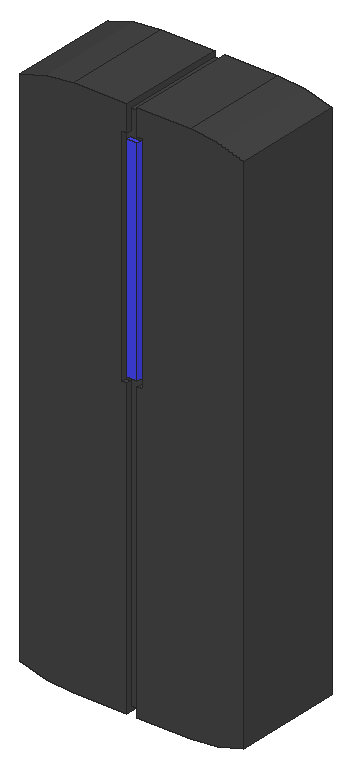
Revit family "STS-705P_RV17_LOD_400", category Электрооборудование, Revit 2017
Family settings
  Конфигурация панели = Два столбца, слева направо
  Размер круглого соединителя = Использовать диаметр
  Тип детали = Щит
  На основе рабочей плоскости = Нет
  Всегда вертикально = Да
  При загрузке вырезать с полостями = Нет
  Общий = Нет
  Точка расчета площади = Нет
Parameters (values of type "STS-705P")
  Удаленность от контроллера Wiegand 42, не более, м = 100
  Смещение_УГО_Y [instance] = 0 mm
  Смещение_УГО_X [instance] = 0 mm
  Расстояние между считывателями, см = "10-20"
  Раздел проекта [instance] = ""
  Раздел Спецификации [instance] = ""
  Рабочая частота, кГц = 125
  Номинальная дальность считывания идентификационного признака, до, см = "4-7 (зависит от идентификатора доступа)"
  Напряжение питания постоянного тока, В = "7,5-13,8"
  Напряжение = "12"
  Интерфейс = "RS-485"
  Идентификаторы = "Em - Marin"
  Диапазон рабочих температур, °С = "от минус 40 до плюс 50"
  Время считывания, мс = 200
  Видимость_УГО [instance] = yes
  В_УГО_Смешение по Х [instance] = Смещение_УГО_X + 2000 mm  # 2000 mm
  В_УГО_Смешение по Y [instance] = Смещение_УГО_Y + 2000 mm  # 2000 mm
  Антенна = "Встроенная"
  d короба [instance] = 20 mm
  ADSK_Ток = 0.1 A
  ADSK_Размер_Ширина = 21 mm
  ADSK_Размер_Длина = 43 mm
  ADSK_Размер_Высота = 105 mm
  ADSK_Примечание = ""
  ADSK_Напряжение [instance] = 12 V
  ADSK_Наименование = "STS-705P"
  ADSK_Масса = 0.1
  ADSK_Марка = "СТВФ.431295.136"
  ADSK_Количество = 1
  ADSK_Классификация нагрузок = Считыватель
  ADSK_Завод-изготовитель = "ООО «Основа Безопасности»"  # constant formula
  ADSK_Единица измерения = "шт."  # constant formula
  ADSK_URL страницы изделия = "https://stilsoft.ru/products/sts-705r"
  ADSK_URL документации изделия = ""
Reference planes
  plane 1 "По центру (Вперед/Назад)": y = 0
  plane 2: z = 0
  plane 3 "По центру (Влево/Вправо)": x = 0
  plane 4 "фасад": y = -21
  plane 5: x = 21.5
  plane 6: x = -21.5
  plane 7 "вверх": z = 105
  plane 8: x = 0
  plane 9: y = 0
  plane 10: y = 2000
  plane 11: x = -2000
Forms (mm)
  Extrusion 1, solid, material "корпус считывателя (1)", detail levels medium+fine
    sketch origin (0, 0, 0) x (1, 0, 0) y (0, 1, 0)
      loop
        line (-21.5, 0) -> (-21.5, -21) -> (21.5, -21) -> (21.5, 0) -> (-21.5, 0)
    from 0 to 105
  Extrusion 2, void
    sketch origin (0, -21, 0) x (-1, 0, 0) y (0, 0, 1)
      loop
        line (0, 105) -> (-1, 105) -> (-1, 100) -> (-2, 100) -> (-2, 57) -> (-1, 57) -> (-1, 0) -> (1, 0) -> (1, 57) -> (2, 57) -> (2, 100) -> (1, 100) -> (1, 105) -> (0, 105)
    from 0 to 1
  Extrusion 3, solid, material "индикатор", detail levels fine
    sketch origin (0, -21, 0) x (-1, 0, 0) y (0, 0, 1)
      loop
        line (-1, 98.979) -> (-1, 57.979) -> (1, 57.979) -> (1, 98.979) -> (-1, 98.979)
    from 0 to 1
  Sweep 4, void
    path origin (0, 0, 0) x (1, 0, 0) y (0, 1, 0)
      loop
        line (-21.5, -21) -> (-21.5, 0)
    profile origin (-21.5, -10.5, 0) x (-1, 0, 0) y (0, 0, 1)
      loop
        arc (0, 2) -> (-5.028, 0.505) -> (-10.25, 0) r 27.266
        line (-10.25, 0) -> (-20.5, 0) -> (-20.5, 1) -> (-22.5, 1) -> (-22.5, 0) -> (-32.75, 0)
        arc (-32.75, 0) -> (-37.972, 0.505) -> (-43, 2) r 27.266
        line (-43, 2) -> (-44, 2) -> (-44, -1) -> (1, -1) -> (1, 2) -> (0, 2)
  Sweep 5, void
    path origin (0, 0, 105) x (0, -1, 0) y (1, 0, 0)
      loop
        line (21, -21.5) -> (0, -21.5)
    profile origin (-21.5, -10.5, 105) x (-1, 0, 0) y (0, 0, 1)
      loop
        line (0, -2) -> (1, -2) -> (1, 1) -> (-44, 1) -> (-44, -2) -> (-43, -2)
        arc (-43, -2) -> (-37.972, -0.505) -> (-32.75, 0) r 27.266
        line (-32.75, 0) -> (-22.5, 0) -> (-22.5, -1) -> (-20.5, -1) -> (-20.5, 0) -> (-10.25, 0)
        arc (-10.25, 0) -> (-5.028, -0.505) -> (0, -2) r 27.266
Cuts and joins
  Extrusion 2, Sweep 4, Sweep 5 cuts Extrusion 1
Dimensions and locks
  "ADSK_Размер_Высота": plane 7 "вверх" to level
  "ADSK_Размер_Ширина": plane 4 "фасад" to plane 1 "По центру (Вперед/Назад)"
  "ADSK_Размер_Длина": plane 6 to plane 5
  locked: plane 10 to plane 1 "По центру (Вперед/Назад)" at 2000
  locked: plane 11 to plane 3 "По центру (Влево/Вправо)" at 2000
  "В_УГО_Смешение по Х": plane 11 to plane 8
  "В_УГО_Смешение по Y": plane 10 to plane 9
  aligned and locked: level to plane 2
  aligned and locked: plane 1 "По центру (Вперед/Назад)" to Extrusion 1 sketch curve
  aligned and locked: Extrusion 1 sketch curve to plane 6
  aligned and locked: plane 4 "фасад" to Extrusion 1 sketch curve
  aligned and locked: Extrusion 1 sketch curve to plane 5
  aligned and locked: plane 7 "вверх" to Extrusion 1
  aligned and locked: Extrusion 1 to level
  aligned and locked: nested 1 to plane 9
  aligned and locked: plane 8 to nested 1
Automatic sketch dimensions
  Extrusion 2 sketch curve to plane 7 "вверх" = 0 mm
  Extrusion 2 sketch curve to level = 0 mm
  Extrusion 2 sketch curve to plane 3 "По центру (Влево/Вправо)" = 0 mm
  plane 3 "По центру (Влево/Вправо)" to Extrusion 2 sketch curve = 1 mm  (x2)
  Extrusion 2 sketch curve to Extrusion 2 sketch curve = 1 mm  (x3)
  Extrusion 2 sketch curve to plane 3 "По центру (Влево/Вправо)" = 1 mm
  Extrusion 2 sketch curve to plane 7 "вверх" = 48 mm
  Extrusion 2 sketch curve to Extrusion 2 sketch curve = 0 mm  (x2)
  Extrusion 2 sketch curve to plane 7 "вверх" = 5 mm
  plane 3 "По центру (Влево/Вправо)" to Extrusion 3 sketch curve = 1 mm
  Extrusion 3 sketch curve to plane 3 "По центру (Влево/Вправо)" = 1 mm
  Extrusion 3 sketch curve to plane 7 "вверх" = 47.021 mm
  Extrusion 3 sketch curve to plane 7 "вверх" = 6.021 mm
  plane 1 "По центру (Вперед/Назад)" to Sweep 4 sketch curve = 0 mm
  Sweep 4 sketch curve to plane 6 = 0 mm
  Sweep 4 sketch curve to plane 4 "фасад" = 0 mm
  Sweep 4 sketch curve to level = 0 mm  (x2)
  Sweep 4 sketch curve to profile plane = 0 mm
  profile plane to Sweep 4 sketch curve = 10.25 mm
  Sweep 4 sketch curve to Sweep 4 sketch curve = 10.25 mm  (x3)
  Sweep 4 sketch curve to Sweep 4 sketch curve = 2 mm
  level to Sweep 4 sketch curve = 2 mm  (x2)
  Sweep 4 sketch curve to level = 1 mm
  Sweep 4 sketch curve to Sweep 4 sketch curve = 1 mm  (x2)
  level to Sweep 4 sketch curve = 1 mm
  plane 1 "По центру (Вперед/Назад)" to Sweep 5 sketch curve = 0 mm
  Sweep 5 sketch curve to plane 4 "фасад" = 0 mm
  Sweep 5 sketch curve to plane 6 = 0 mm
  Sweep 5 sketch curve to profile plane = 0 mm  (x3)
  profile plane to Sweep 5 sketch curve = 10.25 mm
  Sweep 5 sketch curve to Sweep 5 sketch curve = 10.25 mm  (x3)
  Sweep 5 sketch curve to Sweep 5 sketch curve = 2 mm
  Sweep 5 sketch curve to profile plane = 2 mm
  profile plane to Sweep 5 sketch curve = 1 mm
  Sweep 5 sketch curve to Sweep 5 sketch curve = 1 mm  (x3)
  Sweep 5 sketch curve to Sweep 5 sketch curve = 0 mm
Nested families
  nested 1: "УГО_Считыватель" at (0, 0, 0), visible <- "Видимость_УГО", type "УГО_Считыватель", detail levels coarse
Connectors
  electrical at (0, 0, 52.5)
    settings: on cut or joined group of Extrusion 1, Extrusion 2, Sweep 4, Sweep 5, index 1, voltage 0 V, apparent load 0 VA, apparent load phase1 0 VA, apparent load phase2 0 VA, apparent load phase3 0 VA, power factor 1, load classification "Прочее", number of poles 1, system type 31, power factor state 1, is connector primary yes, connector utility no, sub classification motor no, connector description ""
  cabletrayconduit at (0, 0, 52.5), diameter 20, driven by "d короба"
    settings: on cut or joined group of Extrusion 1, Extrusion 2, Sweep 4, Sweep 5, index 2, connector width 300 mm, connector height 300 mm, connector angle 0.00°, system type 32, placement type 0, profile type 0, connector reference index -1, is primary connector yes, connector utility param no, connector description ""
Definition of nested family "УГО_Считыватель"
  Reference planes
    plane 1: y = 0
    plane 2: x = 0
  Lines and regions (mm)
    detail lines
      curve 1: line (3, 0, 0) -> (3, -8, 0)
      curve 2: line (3, -8, 0) -> (-3, -8, 0)
      curve 3: line (-3, -8, 0) -> (-3, 0, 0)
      curve 4: line (-3, 0, 0) -> (3, 0, 0)
      curve 5: line (2, -1.007, 0) -> (2, -7.007, 0)
      curve 6: line (2, -7.007, 0) -> (-2, -7.007, 0)
      curve 7: line (-2, -7.007, 0) -> (-2, -1.007, 0)
      curve 8: line (-2, -1.007, 0) -> (2, -1.007, 0)
    detail lines, not visible
      curve 9: line (3, 0, 0) -> (3, -8, 0)
      curve 10: line (3, -8, 0) -> (-3, -8, 0)
      curve 11: line (-3, -8, 0) -> (-3, 0, 0)
      curve 12: line (-3, 0, 0) -> (3, 0, 0)
      curve 13: line (2, -1.007, 0) -> (2, -7.007, 0)
      curve 14: line (2, -7.007, 0) -> (-2, -7.007, 0)
      curve 15: line (-2, -7.007, 0) -> (-2, -1.007, 0)
      curve 16: line (-2, -1.007, 0) -> (2, -1.007, 0)
  Dimensions and locks
    aligned and locked: plane 1 to curve 4
